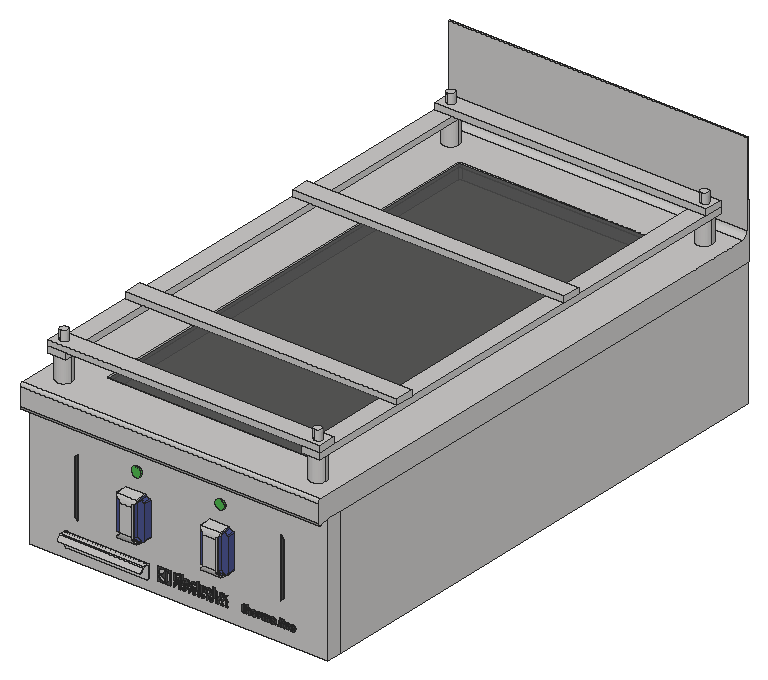
Revit family "QF_ELECTROLUXPROFESSIONAL_589926_HCIBBBEODM", category Specialty Equipment, Revit 2023 (continued)
Definition of nested family "ELX_ThermaLine_Small"
  Forms (mm)
    Extrusion 2, solid
      sketch origin (0, 0, 0) x (1, 0, 0) y (0, 1, 0)
        loop
          arc (-8.419, 2.846) -> (-10.432, 3.118) -> (-11.994, 1.821) r 2.527
          line (-11.994, 1.821) -> (-11.994, 3.094) -> (-14.165, 3.094) -> (-14.165, -5.848)
        loop
          line (-7.579, 3.094) -> (-7.579, -5.848) -> (-5.178, -5.848) -> (-5.178, -0.756)
          arc (-5.178, -0.756) -> (-4.727, 0.679) -> (-3.417, 1.419) r 2.05
          arc (-3.417, 1.419) -> (-2.499, 0.908) -> (-2.155, -0.085) r 1.471
          line (-2.155, -0.085) -> (-2.155, -5.848) -> (0.23, -5.848) -> (0.23, -1.001)
          arc (0.23, -1.001) -> (0.47, 0.127) -> (1.148, 1.061) r 2.775
          arc (1.148, 1.061) -> (2.225, 1.329) -> (3.05, 0.587) r 1.182
          arc (3.05, 0.587) -> (3.199, -0.019) -> (3.214, -0.642) r 2.894
          line (3.214, -0.642) -> (3.214, -5.848) -> (5.601, -5.848) -> (5.601, 0.261)
          arc (5.601, 0.261) -> (4.87, 2.263) -> (2.976, 3.241) r 2.932
          arc (2.976, 3.241) -> (1.284, 2.973) -> (-0.047, 1.896) r 3.309
          arc (-0.047, 1.896) -> (-1.116, 2.865) -> (-2.506, 3.258) r 3.16
          arc (-2.506, 3.258) -> (-4.105, 2.942) -> (-5.376, 1.92) r 3.419
          line (-5.376, 1.92) -> (-5.376, 3.094) -> (-7.579, 3.094)
        loop
          line (7.583, 0.738) -> (9.702, 0.364)
          arc (9.702, 0.364) -> (11.441, 1.492) -> (12.855, -0.023) r 1.613
          line (12.855, -0.023) -> (9.782, -0.789)
          arc (9.782, -0.789) -> (8.559, -1.346) -> (7.617, -2.305) r 3.687
          arc (7.617, -2.305) -> (7.499, -3.681) -> (7.901, -5.003) r 3.651
          arc (7.901, -5.003) -> (9.107, -5.766) -> (10.515, -6.006) r 3.635
          arc (10.515, -6.006) -> (11.898, -5.697) -> (13.067, -4.895) r 3.734
          line (13.067, -4.895) -> (13.376, -5.848) -> (15.75, -5.848) -> (15.212, -4.193) -> (15.212, 0.38)
          arc (15.212, 0.38) -> (14.897, 1.849) -> (13.818, 2.895) r 2.585
          arc (13.818, 2.895) -> (11.792, 3.442) -> (9.719, 3.11) r 5.005
          arc (9.719, 3.11) -> (8.369, 2.178) -> (7.583, 0.738) r 3.54
        loop
          line (19.723, -5.848) -> (22.233, -5.848) -> (24.854, 6.484) -> (22.345, 6.484) -> (19.723, -5.848)
        loop
          line (24.583, -5.848) -> (26.953, -5.848) -> (28.848, 3.066) -> (26.478, 3.066) -> (24.583, -5.848)
        loop
          line (27.204, 6.484) -> (26.741, 4.305) -> (29.111, 4.305) -> (29.575, 6.484) -> (27.204, 6.484)
        loop
          line (29.355, -5.848) -> (31.849, -5.848) -> (33.098, 0.028)
          arc (33.098, 0.028) -> (34.169, 1.306) -> (35.832, 1.422) r 2.132
          arc (35.832, 1.422) -> (36.324, 0.752) -> (36.383, -0.078) r 1.5
          line (36.383, -0.078) -> (35.157, -5.848) -> (37.536, -5.848) -> (38.936, 0.738)
          arc (38.936, 0.738) -> (38.775, 2.091) -> (37.825, 3.066) r 2.118
          arc (37.825, 3.066) -> (35.392, 3.175) -> (33.295, 1.937) r 4.271
          line (33.295, 1.937) -> (33.535, 3.066) -> (31.25, 3.066) -> (29.355, -5.848)
        loop
          line (42.792, -0.64) -> (46.589, -0.64)
          arc (46.589, -0.64) -> (46.639, 0.124) -> (46.327, 0.823) r 1.589
          arc (46.327, 0.823) -> (45.117, 1.521) -> (43.762, 1.183) r 1.865
          arc (43.762, 1.183) -> (43.141, 0.344) -> (42.792, -0.64) r 3.538
        loop
          line (42.565, -2.138) -> (48.593, -2.138)
          arc (48.593, -2.138) -> (48.58, 0.597) -> (46.983, 2.818) r 4.494
          arc (46.983, 2.818) -> (44.191, 3.28) -> (41.725, 1.891) r 4.26
          arc (41.725, 1.891) -> (40.503, -0.3) -> (40.284, -2.799) r 6.003
          arc (40.284, -2.799) -> (40.959, -4.468) -> (42.377, -5.576) r 3.482
          arc (42.377, -5.576) -> (44.265, -5.961) -> (46.152, -5.576) r 4.823
          arc (46.152, -5.576) -> (47.432, -4.731) -> (48.328, -3.485) r 4.245
          line (48.328, -3.485) -> (46.168, -3.105)
          arc (46.168, -3.105) -> (45.214, -4.072) -> (43.859, -4.181) r 1.953
          arc (43.859, -4.181) -> (42.821, -3.408) -> (42.565, -2.138) r 1.81
        loop
          line (12.868, -1.553) -> (10.216, -2.214)
          arc (10.216, -2.214) -> (9.747, -3.136) -> (10.216, -4.058) r 1.14
          arc (10.216, -4.058) -> (11.537, -4.249) -> (12.614, -3.46) r 1.763
          arc (12.614, -3.46) -> (12.858, -2.522) -> (12.868, -1.553) r 3.97
      from 0 to 0.8
  Dimensions and locks
    aligned and locked: plane 2 to Extrusion 1
    aligned and locked: level to Extrusion 1
